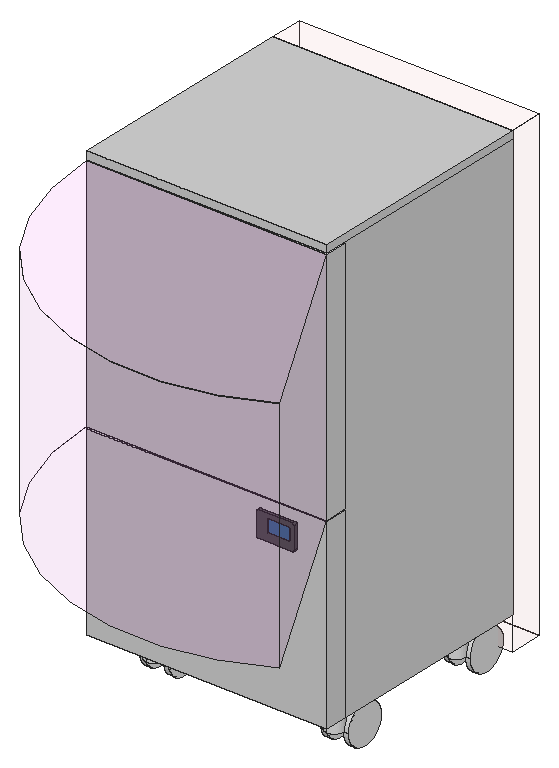
Revit family "Normann_ENTRY_ETR10A-R290", category Attrezzature speciali, Revit 2021 (continued)
Definition of nested family "Griglia_Entry_Large"
  Lines and regions (mm)
    model lines, detail levels medium+fine
      curve 545: line (153.458, -203.202, 0) -> (183.458, -203.202, 0)
      curve 546: line (153.458, -209.202, 0) -> (153.458, -203.202, 0)
      curve 547: line (183.458, -209.202, 0) -> (153.458, -209.202, 0)
      curve 548: line (183.458, -203.202, 0) -> (183.458, -209.202, 0)
      curve 549: line (153.458, -211.802, 0) -> (183.458, -211.802, 0)
      curve 550: line (153.458, -217.802, 0) -> (153.458, -211.802, 0)
      curve 551: line (183.458, -217.802, 0) -> (153.458, -217.802, 0)
      curve 552: line (183.458, -211.802, 0) -> (183.458, -217.802, 0)
      curve 553: line (153.458, -220.402, 0) -> (183.458, -220.402, 0)
      curve 554: line (153.458, -226.402, 0) -> (153.458, -220.402, 0)
      curve 555: line (183.458, -226.402, 0) -> (153.458, -226.402, 0)
      curve 556: line (183.458, -220.402, 0) -> (183.458, -226.402, 0)
      curve 557: line (153.458, -229.002, 0) -> (183.458, -229.002, 0)
      curve 558: line (153.458, -235.002, 0) -> (153.458, -229.002, 0)
      curve 559: line (183.458, -235.002, 0) -> (153.458, -235.002, 0)
      curve 560: line (183.458, -229.002, 0) -> (183.458, -235.002, 0)
      curve 561: line (153.458, -237.602, 0) -> (183.458, -237.602, 0)
      curve 562: line (153.458, -243.602, 0) -> (153.458, -237.602, 0)
      curve 563: line (183.458, -243.602, 0) -> (153.458, -243.602, 0)
      curve 564: line (183.458, -237.602, 0) -> (183.458, -243.602, 0)
      curve 565: line (153.458, -246.202, 0) -> (183.458, -246.202, 0)
      curve 566: line (153.458, -252.202, 0) -> (153.458, -246.202, 0)
      curve 567: line (183.458, -252.202, 0) -> (153.458, -252.202, 0)
      curve 568: line (183.458, -246.202, 0) -> (183.458, -252.202, 0)
      curve 569: line (153.458, -254.802, 0) -> (183.458, -254.802, 0)
      curve 570: line (153.458, -260.802, 0) -> (153.458, -254.802, 0)
      curve 571: line (183.458, -260.802, 0) -> (153.458, -260.802, 0)
      curve 572: line (183.458, -254.802, 0) -> (183.458, -260.802, 0)
      curve 573: line (153.458, -263.402, 0) -> (183.458, -263.402, 0)
      curve 574: line (153.458, -269.402, 0) -> (153.458, -263.402, 0)
      curve 575: line (183.458, -269.402, 0) -> (153.458, -269.402, 0)
      curve 576: line (183.458, -263.402, 0) -> (183.458, -269.402, 0)
      curve 577: line (153.458, -272.002, 0) -> (183.458, -272.002, 0)
      curve 578: line (153.458, -278.002, 0) -> (153.458, -272.002, 0)
      curve 579: line (183.458, -278.002, 0) -> (153.458, -278.002, 0)
      curve 580: line (183.458, -272.002, 0) -> (183.458, -278.002, 0)
      curve 581: line (153.458, -280.602, 0) -> (183.458, -280.602, 0)
      curve 582: line (153.458, -286.602, 0) -> (153.458, -280.602, 0)
      curve 583: line (183.458, -286.602, 0) -> (153.458, -286.602, 0)
      curve 584: line (183.458, -280.602, 0) -> (183.458, -286.602, 0)
      curve 585: line (153.458, -289.202, 0) -> (183.458, -289.202, 0)
      curve 586: line (153.458, -295.202, 0) -> (153.458, -289.202, 0)
      curve 587: line (183.458, -295.202, 0) -> (153.458, -295.202, 0)
      curve 588: line (183.458, -289.202, 0) -> (183.458, -295.202, 0)
      curve 589: line (153.458, -297.802, 0) -> (183.458, -297.802, 0)
      curve 590: line (153.458, -303.802, 0) -> (153.458, -297.802, 0)
      curve 591: line (183.458, -303.802, 0) -> (153.458, -303.802, 0)
      curve 592: line (183.458, -297.802, 0) -> (183.458, -303.802, 0)
      curve 593: line (153.458, -306.402, 0) -> (183.458, -306.402, 0)
      curve 594: line (153.458, -312.402, 0) -> (153.458, -306.402, 0)
      curve 595: line (183.458, -312.402, 0) -> (153.458, -312.402, 0)
      curve 596: line (183.458, -306.402, 0) -> (183.458, -312.402, 0)
      curve 597: line (153.458, -315.002, 0) -> (183.458, -315.002, 0)
      curve 598: line (153.458, -321.002, 0) -> (153.458, -315.002, 0)
      curve 599: line (183.458, -321.002, 0) -> (153.458, -321.002, 0)
      curve 600: line (183.458, -315.002, 0) -> (183.458, -321.002, 0)
      curve 601: line (153.458, -323.602, 0) -> (183.458, -323.602, 0)
      curve 602: line (153.458, -329.602, 0) -> (153.458, -323.602, 0)
      curve 603: line (183.458, -329.602, 0) -> (153.458, -329.602, 0)
      curve 604: line (183.458, -323.602, 0) -> (183.458, -329.602, 0)
      curve 605: line (153.458, -332.202, 0) -> (183.458, -332.202, 0)
      curve 606: line (153.458, -338.202, 0) -> (153.458, -332.202, 0)
      curve 607: line (183.458, -338.202, 0) -> (153.458, -338.202, 0)
      curve 608: line (183.458, -332.202, 0) -> (183.458, -338.202, 0)
      curve 609: line (153.458, -340.802, 0) -> (183.458, -340.802, 0)
      curve 610: line (153.458, -346.802, 0) -> (153.458, -340.802, 0)
      curve 611: line (183.458, -346.802, 0) -> (153.458, -346.802, 0)
      curve 612: line (183.458, -340.802, 0) -> (183.458, -346.802, 0)
      curve 613: line (153.458, -349.402, 0) -> (183.458, -349.402, 0)
      curve 614: line (153.458, -355.402, 0) -> (153.458, -349.402, 0)
      curve 615: line (183.458, -355.402, 0) -> (153.458, -355.402, 0)
      curve 616: line (183.458, -349.402, 0) -> (183.458, -355.402, 0)
      curve 617: line (153.458, -358.002, 0) -> (183.458, -358.002, 0)
      curve 618: line (153.458, -364.002, 0) -> (153.458, -358.002, 0)
      curve 619: line (183.458, -364.002, 0) -> (153.458, -364.002, 0)
      curve 620: line (183.458, -358.002, 0) -> (183.458, -364.002, 0)
      curve 621: line (153.458, -366.602, 0) -> (183.458, -366.602, 0)
      curve 622: line (153.458, -372.602, 0) -> (153.458, -366.602, 0)
      curve 623: line (183.458, -372.602, 0) -> (153.458, -372.602, 0)
      curve 624: line (183.458, -366.602, 0) -> (183.458, -372.602, 0)
      curve 625: line (153.458, -375.202, 0) -> (183.458, -375.202, 0)
      curve 626: line (153.458, -381.202, 0) -> (153.458, -375.202, 0)
      curve 627: line (183.458, -381.202, 0) -> (153.458, -381.202, 0)
      curve 628: line (183.458, -375.202, 0) -> (183.458, -381.202, 0)
      curve 629: line (153.458, -383.802, 0) -> (183.458, -383.802, 0)
      curve 630: line (153.458, -389.802, 0) -> (153.458, -383.802, 0)
      curve 631: line (183.458, -389.802, 0) -> (153.458, -389.802, 0)
      curve 632: line (183.458, -383.802, 0) -> (183.458, -389.802, 0)
      curve 633: line (153.458, -392.402, 0) -> (183.458, -392.402, 0)
      curve 634: line (153.458, -398.402, 0) -> (153.458, -392.402, 0)
      curve 635: line (183.458, -398.402, 0) -> (153.458, -398.402, 0)
      curve 636: line (183.458, -392.402, 0) -> (183.458, -398.402, 0)
      curve 637: line (153.458, -401.002, 0) -> (183.458, -401.002, 0)
      curve 638: line (153.458, -407.002, 0) -> (153.458, -401.002, 0)
      curve 639: line (183.458, -407.002, 0) -> (153.458, -407.002, 0)
      curve 640: line (183.458, -401.002, 0) -> (183.458, -407.002, 0)
      curve 641: line (153.458, -409.602, 0) -> (183.458, -409.602, 0)
      curve 642: line (153.458, -415.602, 0) -> (153.458, -409.602, 0)
      curve 643: line (183.458, -415.602, 0) -> (153.458, -415.602, 0)
      curve 644: line (183.458, -409.602, 0) -> (183.458, -415.602, 0)
      curve 645: line (153.458, -418.202, 0) -> (183.458, -418.202, 0)
      curve 646: line (153.458, -424.202, 0) -> (153.458, -418.202, 0)
      curve 647: line (183.458, -424.202, 0) -> (153.458, -424.202, 0)
      curve 648: line (183.458, -418.202, 0) -> (183.458, -424.202, 0)
      curve 649: line (153.458, -426.802, 0) -> (183.458, -426.802, 0)
      curve 650: line (153.458, -432.802, 0) -> (153.458, -426.802, 0)
      curve 651: line (183.458, -432.802, 0) -> (153.458, -432.802, 0)
      curve 652: line (183.458, -426.802, 0) -> (183.458, -432.802, 0)
      curve 653: line (153.458, -435.402, 0) -> (183.458, -435.402, 0)
      curve 654: line (153.458, -441.402, 0) -> (153.458, -435.402, 0)
      curve 655: line (183.458, -441.402, 0) -> (153.458, -441.402, 0)
      curve 656: line (183.458, -435.402, 0) -> (183.458, -441.402, 0)
      curve 657: line (153.458, -444.002, 0) -> (183.458, -444.002, 0)
      curve 658: line (153.458, -450.002, 0) -> (153.458, -444.002, 0)
      curve 659: line (183.458, -450.002, 0) -> (153.458, -450.002, 0)
      curve 660: line (183.458, -444.002, 0) -> (183.458, -450.002, 0)
      curve 661: line (153.458, -452.602, 0) -> (183.458, -452.602, 0)
      curve 662: line (153.458, -458.602, 0) -> (153.458, -452.602, 0)
      curve 663: line (183.458, -458.602, 0) -> (153.458, -458.602, 0)
      curve 664: line (183.458, -452.602, 0) -> (183.458, -458.602, 0)
      curve 665: line (153.458, -461.202, 0) -> (183.458, -461.202, 0)
      curve 666: line (153.458, -467.202, 0) -> (153.458, -461.202, 0)
      curve 667: line (183.458, -467.202, 0) -> (153.458, -467.202, 0)
      curve 668: line (183.458, -461.202, 0) -> (183.458, -467.202, 0)
      curve 669: line (153.458, -469.802, 0) -> (183.458, -469.802, 0)
      curve 670: line (153.458, -475.802, 0) -> (153.458, -469.802, 0)
      curve 671: line (183.458, -475.802, 0) -> (153.458, -475.802, 0)
      curve 672: line (183.458, -469.802, 0) -> (183.458, -475.802, 0)
      curve 673: line (153.458, -478.402, 0) -> (183.458, -478.402, 0)
      curve 674: line (153.458, -484.402, 0) -> (153.458, -478.402, 0)
      curve 675: line (183.458, -484.402, 0) -> (153.458, -484.402, 0)
      curve 676: line (183.458, -478.402, 0) -> (183.458, -484.402, 0)
      curve 677: line (153.458, -487.002, 0) -> (183.458, -487.002, 0)
      curve 678: line (153.458, -493.002, 0) -> (153.458, -487.002, 0)
      curve 679: line (183.458, -493.002, 0) -> (153.458, -493.002, 0)
      curve 680: line (183.458, -487.002, 0) -> (183.458, -493.002, 0)
      curve 681: line (304.683, -31.202, 0) -> (334.683, -31.202, 0)
      curve 682: line (304.683, -37.202, 0) -> (304.683, -31.202, 0)
      curve 683: line (334.683, -37.202, 0) -> (304.683, -37.202, 0)
      curve 684: line (334.683, -31.202, 0) -> (334.683, -37.202, 0)
      curve 685: line (304.683, -39.802, 0) -> (334.683, -39.802, 0)
      curve 686: line (304.683, -45.802, 0) -> (304.683, -39.802, 0)
      curve 687: line (334.683, -45.802, 0) -> (304.683, -45.802, 0)
      curve 688: line (334.683, -39.802, 0) -> (334.683, -45.802, 0)
      curve 689: line (304.683, -48.402, 0) -> (334.683, -48.402, 0)
      curve 690: line (304.683, -54.402, 0) -> (304.683, -48.402, 0)
      curve 691: line (334.683, -54.402, 0) -> (304.683, -54.402, 0)
      curve 692: line (334.683, -48.402, 0) -> (334.683, -54.402, 0)
      curve 693: line (304.683, -57.002, 0) -> (334.683, -57.002, 0)
      curve 694: line (304.683, -63.002, 0) -> (304.683, -57.002, 0)
      curve 695: line (334.683, -63.002, 0) -> (304.683, -63.002, 0)
      curve 696: line (334.683, -57.002, 0) -> (334.683, -63.002, 0)
      curve 697: line (304.683, -65.602, 0) -> (334.683, -65.602, 0)
      curve 698: line (304.683, -71.602, 0) -> (304.683, -65.602, 0)
      curve 699: line (334.683, -71.602, 0) -> (304.683, -71.602, 0)
      curve 700: line (334.683, -65.602, 0) -> (334.683, -71.602, 0)
      curve 701: line (304.683, -74.202, 0) -> (334.683, -74.202, 0)
      curve 702: line (304.683, -80.202, 0) -> (304.683, -74.202, 0)
      curve 703: line (334.683, -80.202, 0) -> (304.683, -80.202, 0)
      curve 704: line (334.683, -74.202, 0) -> (334.683, -80.202, 0)
      curve 705: line (304.683, -82.802, 0) -> (334.683, -82.802, 0)
      curve 706: line (304.683, -88.802, 0) -> (304.683, -82.802, 0)
      curve 707: line (334.683, -88.802, 0) -> (304.683, -88.802, 0)
      curve 708: line (334.683, -82.802, 0) -> (334.683, -88.802, 0)
      curve 709: line (304.683, -91.402, 0) -> (334.683, -91.402, 0)
      curve 710: line (304.683, -97.402, 0) -> (304.683, -91.402, 0)
      curve 711: line (334.683, -97.402, 0) -> (304.683, -97.402, 0)
      curve 712: line (334.683, -91.402, 0) -> (334.683, -97.402, 0)
      curve 713: line (304.683, -100.002, 0) -> (334.683, -100.002, 0)
      curve 714: line (304.683, -106.002, 0) -> (304.683, -100.002, 0)
      curve 715: line (334.683, -106.002, 0) -> (304.683, -106.002, 0)
      curve 716: line (334.683, -100.002, 0) -> (334.683, -106.002, 0)
      curve 717: line (304.683, -108.602, 0) -> (334.683, -108.602, 0)
      curve 718: line (304.683, -114.602, 0) -> (304.683, -108.602, 0)
      curve 719: line (334.683, -114.602, 0) -> (304.683, -114.602, 0)
      curve 720: line (334.683, -108.602, 0) -> (334.683, -114.602, 0)
      curve 721: line (304.683, -117.202, 0) -> (334.683, -117.202, 0)
      curve 722: line (304.683, -123.202, 0) -> (304.683, -117.202, 0)
      curve 723: line (334.683, -123.202, 0) -> (304.683, -123.202, 0)
      curve 724: line (334.683, -117.202, 0) -> (334.683, -123.202, 0)
      curve 725: line (304.683, -125.802, 0) -> (334.683, -125.802, 0)
      curve 726: line (304.683, -131.802, 0) -> (304.683, -125.802, 0)
      curve 727: line (334.683, -131.802, 0) -> (304.683, -131.802, 0)
      curve 728: line (334.683, -125.802, 0) -> (334.683, -131.802, 0)
      curve 729: line (304.683, -134.402, 0) -> (334.683, -134.402, 0)
      curve 730: line (304.683, -140.402, 0) -> (304.683, -134.402, 0)
      curve 731: line (334.683, -140.402, 0) -> (304.683, -140.402, 0)
      curve 732: line (334.683, -134.402, 0) -> (334.683, -140.402, 0)
      curve 733: line (304.683, -143.002, 0) -> (334.683, -143.002, 0)
      curve 734: line (304.683, -149.002, 0) -> (304.683, -143.002, 0)
      curve 735: line (334.683, -149.002, 0) -> (304.683, -149.002, 0)
      curve 736: line (334.683, -143.002, 0) -> (334.683, -149.002, 0)
      curve 737: line (304.683, -151.602, 0) -> (334.683, -151.602, 0)
      curve 738: line (304.683, -157.602, 0) -> (304.683, -151.602, 0)
      curve 739: line (334.683, -157.602, 0) -> (304.683, -157.602, 0)
      curve 740: line (334.683, -151.602, 0) -> (334.683, -157.602, 0)
      curve 741: line (304.683, -160.202, 0) -> (334.683, -160.202, 0)
      curve 742: line (304.683, -166.202, 0) -> (304.683, -160.202, 0)
      curve 743: line (334.683, -166.202, 0) -> (304.683, -166.202, 0)
      curve 744: line (334.683, -160.202, 0) -> (334.683, -166.202, 0)
      curve 745: line (304.683, -168.802, 0) -> (334.683, -168.802, 0)
      curve 746: line (304.683, -174.802, 0) -> (304.683, -168.802, 0)
      curve 747: line (334.683, -174.802, 0) -> (304.683, -174.802, 0)
      curve 748: line (334.683, -168.802, 0) -> (334.683, -174.802, 0)
      curve 749: line (304.683, -177.402, 0) -> (334.683, -177.402, 0)
      curve 750: line (304.683, -183.402, 0) -> (304.683, -177.402, 0)
      curve 751: line (334.683, -183.402, 0) -> (304.683, -183.402, 0)
      curve 752: line (334.683, -177.402, 0) -> (334.683, -183.402, 0)
      curve 753: line (304.683, -186.002, 0) -> (334.683, -186.002, 0)
      curve 754: line (304.683, -192.002, 0) -> (304.683, -186.002, 0)
      curve 755: line (334.683, -192.002, 0) -> (304.683, -192.002, 0)
      curve 756: line (334.683, -186.002, 0) -> (334.683, -192.002, 0)
      curve 757: line (304.683, -194.602, 0) -> (334.683, -194.602, 0)
      curve 758: line (304.683, -200.602, 0) -> (304.683, -194.602, 0)
      curve 759: line (334.683, -200.602, 0) -> (304.683, -200.602, 0)
      curve 760: line (334.683, -194.602, 0) -> (334.683, -200.602, 0)
      curve 761: line (304.683, -203.202, 0) -> (334.683, -203.202, 0)
      curve 762: line (304.683, -209.202, 0) -> (304.683, -203.202, 0)
      curve 763: line (334.683, -209.202, 0) -> (304.683, -209.202, 0)
      curve 764: line (334.683, -203.202, 0) -> (334.683, -209.202, 0)
      curve 765: line (304.683, -211.802, 0) -> (334.683, -211.802, 0)
      curve 766: line (304.683, -217.802, 0) -> (304.683, -211.802, 0)
      curve 767: line (334.683, -217.802, 0) -> (304.683, -217.802, 0)
      curve 768: line (334.683, -211.802, 0) -> (334.683, -217.802, 0)
      curve 769: line (304.683, -220.402, 0) -> (334.683, -220.402, 0)
      curve 770: line (304.683, -226.402, 0) -> (304.683, -220.402, 0)
      curve 771: line (334.683, -226.402, 0) -> (304.683, -226.402, 0)
      curve 772: line (334.683, -220.402, 0) -> (334.683, -226.402, 0)
      curve 773: line (304.683, -229.002, 0) -> (334.683, -229.002, 0)
      curve 774: line (304.683, -235.002, 0) -> (304.683, -229.002, 0)
      curve 775: line (334.683, -235.002, 0) -> (304.683, -235.002, 0)
      curve 776: line (334.683, -229.002, 0) -> (334.683, -235.002, 0)
      curve 777: line (304.683, -237.602, 0) -> (334.683, -237.602, 0)
      curve 778: line (304.683, -243.602, 0) -> (304.683, -237.602, 0)
      curve 779: line (334.683, -243.602, 0) -> (304.683, -243.602, 0)
      curve 780: line (334.683, -237.602, 0) -> (334.683, -243.602, 0)
      curve 781: line (304.683, -246.202, 0) -> (334.683, -246.202, 0)
      curve 782: line (304.683, -252.202, 0) -> (304.683, -246.202, 0)
      curve 783: line (334.683, -252.202, 0) -> (304.683, -252.202, 0)
      curve 784: line (334.683, -246.202, 0) -> (334.683, -252.202, 0)
      curve 785: line (304.683, -254.802, 0) -> (334.683, -254.802, 0)
      curve 786: line (304.683, -260.802, 0) -> (304.683, -254.802, 0)
      curve 787: line (334.683, -260.802, 0) -> (304.683, -260.802, 0)
      curve 788: line (334.683, -254.802, 0) -> (334.683, -260.802, 0)
      curve 789: line (304.683, -263.402, 0) -> (334.683, -263.402, 0)
      curve 790: line (304.683, -269.402, 0) -> (304.683, -263.402, 0)
      curve 791: line (334.683, -269.402, 0) -> (304.683, -269.402, 0)
      curve 792: line (334.683, -263.402, 0) -> (334.683, -269.402, 0)
      curve 793: line (304.683, -272.002, 0) -> (334.683, -272.002, 0)
      curve 794: line (304.683, -278.002, 0) -> (304.683, -272.002, 0)
      curve 795: line (334.683, -278.002, 0) -> (304.683, -278.002, 0)
      curve 796: line (334.683, -272.002, 0) -> (334.683, -278.002, 0)
      curve 797: line (304.683, -280.602, 0) -> (334.683, -280.602, 0)
      curve 798: line (304.683, -286.602, 0) -> (304.683, -280.602, 0)
      curve 799: line (334.683, -286.602, 0) -> (304.683, -286.602, 0)
      curve 800: line (334.683, -280.602, 0) -> (334.683, -286.602, 0)
      curve 801: line (304.683, -289.202, 0) -> (334.683, -289.202, 0)
      curve 802: line (304.683, -295.202, 0) -> (304.683, -289.202, 0)
      curve 803: line (334.683, -295.202, 0) -> (304.683, -295.202, 0)
      curve 804: line (334.683, -289.202, 0) -> (334.683, -295.202, 0)
      curve 805: line (304.683, -297.802, 0) -> (334.683, -297.802, 0)
      curve 806: line (304.683, -303.802, 0) -> (304.683, -297.802, 0)
      curve 807: line (334.683, -303.802, 0) -> (304.683, -303.802, 0)
      curve 808: line (334.683, -297.802, 0) -> (334.683, -303.802, 0)
      curve 809: line (304.683, -306.402, 0) -> (334.683, -306.402, 0)
      curve 810: line (304.683, -312.402, 0) -> (304.683, -306.402, 0)
      curve 811: line (334.683, -312.402, 0) -> (304.683, -312.402, 0)
      curve 812: line (334.683, -306.402, 0) -> (334.683, -312.402, 0)
      curve 813: line (304.683, -315.002, 0) -> (334.683, -315.002, 0)
      curve 814: line (304.683, -321.002, 0) -> (304.683, -315.002, 0)
      curve 815: line (334.683, -321.002, 0) -> (304.683, -321.002, 0)
      curve 816: line (334.683, -315.002, 0) -> (334.683, -321.002, 0)
      curve 817: line (304.683, -323.602, 0) -> (334.683, -323.602, 0)
      curve 818: line (304.683, -329.602, 0) -> (304.683, -323.602, 0)
      curve 819: line (334.683, -329.602, 0) -> (304.683, -329.602, 0)
      curve 820: line (334.683, -323.602, 0) -> (334.683, -329.602, 0)
      curve 821: line (304.683, -332.202, 0) -> (334.683, -332.202, 0)
      curve 822: line (304.683, -338.202, 0) -> (304.683, -332.202, 0)
      curve 823: line (334.683, -338.202, 0) -> (304.683, -338.202, 0)
      curve 824: line (334.683, -332.202, 0) -> (334.683, -338.202, 0)
      curve 825: line (304.683, -340.802, 0) -> (334.683, -340.802, 0)
      curve 826: line (304.683, -346.802, 0) -> (304.683, -340.802, 0)
      curve 827: line (334.683, -346.802, 0) -> (304.683, -346.802, 0)
      curve 828: line (334.683, -340.802, 0) -> (334.683, -346.802, 0)
      curve 829: line (304.683, -349.402, 0) -> (334.683, -349.402, 0)
      curve 830: line (304.683, -355.402, 0) -> (304.683, -349.402, 0)
      curve 831: line (334.683, -355.402, 0) -> (304.683, -355.402, 0)
      curve 832: line (334.683, -349.402, 0) -> (334.683, -355.402, 0)
      curve 833: line (304.683, -358.002, 0) -> (334.683, -358.002, 0)
      curve 834: line (304.683, -364.002, 0) -> (304.683, -358.002, 0)
      curve 835: line (334.683, -364.002, 0) -> (304.683, -364.002, 0)
      curve 836: line (334.683, -358.002, 0) -> (334.683, -364.002, 0)
      curve 837: line (304.683, -366.602, 0) -> (334.683, -366.602, 0)
      curve 838: line (304.683, -372.602, 0) -> (304.683, -366.602, 0)
      curve 839: line (334.683, -372.602, 0) -> (304.683, -372.602, 0)
      curve 840: line (334.683, -366.602, 0) -> (334.683, -372.602, 0)
      curve 841: line (304.683, -375.202, 0) -> (334.683, -375.202, 0)
      curve 842: line (304.683, -381.202, 0) -> (304.683, -375.202, 0)
      curve 843: line (334.683, -381.202, 0) -> (304.683, -381.202, 0)
      curve 844: line (334.683, -375.202, 0) -> (334.683, -381.202, 0)
      curve 845: line (304.683, -383.802, 0) -> (334.683, -383.802, 0)
      curve 846: line (304.683, -389.802, 0) -> (304.683, -383.802, 0)
      curve 847: line (334.683, -389.802, 0) -> (304.683, -389.802, 0)
      curve 848: line (334.683, -383.802, 0) -> (334.683, -389.802, 0)
      curve 849: line (304.683, -392.402, 0) -> (334.683, -392.402, 0)
      curve 850: line (304.683, -398.402, 0) -> (304.683, -392.402, 0)
      curve 851: line (334.683, -398.402, 0) -> (304.683, -398.402, 0)
      curve 852: line (334.683, -392.402, 0) -> (334.683, -398.402, 0)
      curve 853: line (304.683, -401.002, 0) -> (334.683, -401.002, 0)
      curve 854: line (304.683, -407.002, 0) -> (304.683, -401.002, 0)
      curve 855: line (334.683, -407.002, 0) -> (304.683, -407.002, 0)
      curve 856: line (334.683, -401.002, 0) -> (334.683, -407.002, 0)
      curve 857: line (304.683, -409.602, 0) -> (334.683, -409.602, 0)
      curve 858: line (304.683, -415.602, 0) -> (304.683, -409.602, 0)
      curve 859: line (334.683, -415.602, 0) -> (304.683, -415.602, 0)
      curve 860: line (334.683, -409.602, 0) -> (334.683, -415.602, 0)
      curve 861: line (304.683, -418.202, 0) -> (334.683, -418.202, 0)
      curve 862: line (304.683, -424.202, 0) -> (304.683, -418.202, 0)
      curve 863: line (334.683, -424.202, 0) -> (304.683, -424.202, 0)
      curve 864: line (334.683, -418.202, 0) -> (334.683, -424.202, 0)
      curve 865: line (304.683, -426.802, 0) -> (334.683, -426.802, 0)
      curve 866: line (304.683, -432.802, 0) -> (304.683, -426.802, 0)
      curve 867: line (334.683, -432.802, 0) -> (304.683, -432.802, 0)
      curve 868: line (334.683, -426.802, 0) -> (334.683, -432.802, 0)
      curve 869: line (304.683, -435.402, 0) -> (334.683, -435.402, 0)
      curve 870: line (304.683, -441.402, 0) -> (304.683, -435.402, 0)
      curve 871: line (334.683, -441.402, 0) -> (304.683, -441.402, 0)
      curve 872: line (334.683, -435.402, 0) -> (334.683, -441.402, 0)
      curve 873: line (304.683, -444.002, 0) -> (334.683, -444.002, 0)
      curve 874: line (304.683, -450.002, 0) -> (304.683, -444.002, 0)
      curve 875: line (334.683, -450.002, 0) -> (304.683, -450.002, 0)
      curve 876: line (334.683, -444.002, 0) -> (334.683, -450.002, 0)
      curve 877: line (304.683, -452.602, 0) -> (334.683, -452.602, 0)
      curve 878: line (304.683, -458.602, 0) -> (304.683, -452.602, 0)
      curve 879: line (334.683, -458.602, 0) -> (304.683, -458.602, 0)
      curve 880: line (334.683, -452.602, 0) -> (334.683, -458.602, 0)
      curve 881: line (304.683, -461.202, 0) -> (334.683, -461.202, 0)
      curve 882: line (304.683, -467.202, 0) -> (304.683, -461.202, 0)
      curve 883: line (334.683, -467.202, 0) -> (304.683, -467.202, 0)
      curve 884: line (334.683, -461.202, 0) -> (334.683, -467.202, 0)
      curve 885: line (304.683, -469.802, 0) -> (334.683, -469.802, 0)
      curve 886: line (304.683, -475.802, 0) -> (304.683, -469.802, 0)
      curve 887: line (334.683, -475.802, 0) -> (304.683, -475.802, 0)
      curve 888: line (334.683, -469.802, 0) -> (334.683, -475.802, 0)
      curve 889: line (304.683, -478.402, 0) -> (334.683, -478.402, 0)
      curve 890: line (304.683, -484.402, 0) -> (304.683, -478.402, 0)
      curve 891: line (334.683, -484.402, 0) -> (304.683, -484.402, 0)
      curve 892: line (334.683, -478.402, 0) -> (334.683, -484.402, 0)
      curve 893: line (304.683, -487.002, 0) -> (334.683, -487.002, 0)
      curve 894: line (304.683, -493.002, 0) -> (304.683, -487.002, 0)
      curve 895: line (334.683, -493.002, 0) -> (304.683, -493.002, 0)
      curve 896: line (334.683, -487.002, 0) -> (334.683, -493.002, 0)
      curve 897: line (380.283, -31.202, 0) -> (410.283, -31.202, 0)
      curve 898: line (380.283, -37.202, 0) -> (380.283, -31.202, 0)
      curve 899: line (410.283, -37.202, 0) -> (380.283, -37.202, 0)
      curve 900: line (410.283, -31.202, 0) -> (410.283, -37.202, 0)
      curve 901: line (380.283, -39.802, 0) -> (410.283, -39.802, 0)
      curve 902: line (380.283, -45.802, 0) -> (380.283, -39.802, 0)
      curve 903: line (410.283, -45.802, 0) -> (380.283, -45.802, 0)
      curve 904: line (410.283, -39.802, 0) -> (410.283, -45.802, 0)
      curve 905: line (380.283, -48.402, 0) -> (410.283, -48.402, 0)
      curve 906: line (380.283, -54.402, 0) -> (380.283, -48.402, 0)
      curve 907: line (410.283, -54.402, 0) -> (380.283, -54.402, 0)
      curve 908: line (410.283, -48.402, 0) -> (410.283, -54.402, 0)
      curve 909: line (380.283, -57.002, 0) -> (410.283, -57.002, 0)
      curve 910: line (380.283, -63.002, 0) -> (380.283, -57.002, 0)
      curve 911: line (410.283, -63.002, 0) -> (380.283, -63.002, 0)
      curve 912: line (410.283, -57.002, 0) -> (410.283, -63.002, 0)
      curve 913: line (380.283, -65.602, 0) -> (410.283, -65.602, 0)
      curve 914: line (380.283, -71.602, 0) -> (380.283, -65.602, 0)
      curve 915: line (410.283, -71.602, 0) -> (380.283, -71.602, 0)
      curve 916: line (410.283, -65.602, 0) -> (410.283, -71.602, 0)
      curve 917: line (380.283, -74.202, 0) -> (410.283, -74.202, 0)
      curve 918: line (380.283, -80.202, 0) -> (380.283, -74.202, 0)
      curve 919: line (410.283, -80.202, 0) -> (380.283, -80.202, 0)
      curve 920: line (410.283, -74.202, 0) -> (410.283, -80.202, 0)
      curve 921: line (380.283, -82.802, 0) -> (410.283, -82.802, 0)
      curve 922: line (380.283, -88.802, 0) -> (380.283, -82.802, 0)
      curve 923: line (410.283, -88.802, 0) -> (380.283, -88.802, 0)
      curve 924: line (410.283, -82.802, 0) -> (410.283, -88.802, 0)
      curve 925: line (380.283, -91.402, 0) -> (410.283, -91.402, 0)
      curve 926: line (380.283, -97.402, 0) -> (380.283, -91.402, 0)
      curve 927: line (410.283, -97.402, 0) -> (380.283, -97.402, 0)
      curve 928: line (410.283, -91.402, 0) -> (410.283, -97.402, 0)
      curve 929: line (380.283, -100.002, 0) -> (410.283, -100.002, 0)
      curve 930: line (380.283, -106.002, 0) -> (380.283, -100.002, 0)
      curve 931: line (410.283, -106.002, 0) -> (380.283, -106.002, 0)
      curve 932: line (410.283, -100.002, 0) -> (410.283, -106.002, 0)
      curve 933: line (380.283, -108.602, 0) -> (410.283, -108.602, 0)
      curve 934: line (380.283, -114.602, 0) -> (380.283, -108.602, 0)
      curve 935: line (410.283, -114.602, 0) -> (380.283, -114.602, 0)
      curve 936: line (410.283, -108.602, 0) -> (410.283, -114.602, 0)
      curve 937: line (380.283, -117.202, 0) -> (410.283, -117.202, 0)
      curve 938: line (380.283, -123.202, 0) -> (380.283, -117.202, 0)
      curve 939: line (410.283, -123.202, 0) -> (380.283, -123.202, 0)
      curve 940: line (410.283, -117.202, 0) -> (410.283, -123.202, 0)
      curve 941: line (380.283, -125.802, 0) -> (410.283, -125.802, 0)
      curve 942: line (380.283, -131.802, 0) -> (380.283, -125.802, 0)
      curve 943: line (410.283, -131.802, 0) -> (380.283, -131.802, 0)
      curve 944: line (410.283, -125.802, 0) -> (410.283, -131.802, 0)
      curve 945: line (380.283, -134.402, 0) -> (410.283, -134.402, 0)
      curve 946: line (380.283, -140.402, 0) -> (380.283, -134.402, 0)
      curve 947: line (410.283, -140.402, 0) -> (380.283, -140.402, 0)
      curve 948: line (410.283, -134.402, 0) -> (410.283, -140.402, 0)
      curve 949: line (380.283, -143.002, 0) -> (410.283, -143.002, 0)
      curve 950: line (380.283, -149.002, 0) -> (380.283, -143.002, 0)
      curve 951: line (410.283, -149.002, 0) -> (380.283, -149.002, 0)
      curve 952: line (410.283, -143.002, 0) -> (410.283, -149.002, 0)
      curve 953: line (380.283, -151.602, 0) -> (410.283, -151.602, 0)
      curve 954: line (380.283, -157.602, 0) -> (380.283, -151.602, 0)
      curve 955: line (410.283, -157.602, 0) -> (380.283, -157.602, 0)
      curve 956: line (410.283, -151.602, 0) -> (410.283, -157.602, 0)
      curve 957: line (380.283, -160.202, 0) -> (410.283, -160.202, 0)
      curve 958: line (380.283, -166.202, 0) -> (380.283, -160.202, 0)
      curve 959: line (410.283, -166.202, 0) -> (380.283, -166.202, 0)
      curve 960: line (410.283, -160.202, 0) -> (410.283, -166.202, 0)
      curve 961: line (380.283, -168.802, 0) -> (410.283, -168.802, 0)
      curve 962: line (380.283, -174.802, 0) -> (380.283, -168.802, 0)
      curve 963: line (410.283, -174.802, 0) -> (380.283, -174.802, 0)
      curve 964: line (410.283, -168.802, 0) -> (410.283, -174.802, 0)
      curve 965: line (380.283, -177.402, 0) -> (410.283, -177.402, 0)
      curve 966: line (380.283, -183.402, 0) -> (380.283, -177.402, 0)
      curve 967: line (410.283, -183.402, 0) -> (380.283, -183.402, 0)
      curve 968: line (410.283, -177.402, 0) -> (410.283, -183.402, 0)
      curve 969: line (380.283, -186.002, 0) -> (410.283, -186.002, 0)
      curve 970: line (380.283, -192.002, 0) -> (380.283, -186.002, 0)
      curve 971: line (410.283, -192.002, 0) -> (380.283, -192.002, 0)
      curve 972: line (410.283, -186.002, 0) -> (410.283, -192.002, 0)
      curve 973: line (380.283, -194.602, 0) -> (410.283, -194.602, 0)
      curve 974: line (380.283, -200.602, 0) -> (380.283, -194.602, 0)
      curve 975: line (410.283, -200.602, 0) -> (380.283, -200.602, 0)
      curve 976: line (410.283, -194.602, 0) -> (410.283, -200.602, 0)
      curve 977: line (380.283, -203.202, 0) -> (410.283, -203.202, 0)
      curve 978: line (380.283, -209.202, 0) -> (380.283, -203.202, 0)
      curve 979: line (410.283, -209.202, 0) -> (380.283, -209.202, 0)
      curve 980: line (410.283, -203.202, 0) -> (410.283, -209.202, 0)
      curve 981: line (380.283, -211.802, 0) -> (410.283, -211.802, 0)
      curve 982: line (380.283, -217.802, 0) -> (380.283, -211.802, 0)
      curve 983: line (410.283, -217.802, 0) -> (380.283, -217.802, 0)
      curve 984: line (410.283, -211.802, 0) -> (410.283, -217.802, 0)
      curve 985: line (380.283, -220.402, 0) -> (410.283, -220.402, 0)
      curve 986: line (380.283, -226.402, 0) -> (380.283, -220.402, 0)
      curve 987: line (410.283, -226.402, 0) -> (380.283, -226.402, 0)
      curve 988: line (410.283, -220.402, 0) -> (410.283, -226.402, 0)
      curve 989: line (380.283, -229.002, 0) -> (410.283, -229.002, 0)
      curve 990: line (380.283, -235.002, 0) -> (380.283, -229.002, 0)
      curve 991: line (410.283, -235.002, 0) -> (380.283, -235.002, 0)
      curve 992: line (410.283, -229.002, 0) -> (410.283, -235.002, 0)
      curve 993: line (380.283, -237.602, 0) -> (410.283, -237.602, 0)
      curve 994: line (380.283, -243.602, 0) -> (380.283, -237.602, 0)
      curve 995: line (410.283, -243.602, 0) -> (380.283, -243.602, 0)
      curve 996: line (410.283, -237.602, 0) -> (410.283, -243.602, 0)
      curve 997: line (380.283, -246.202, 0) -> (410.283, -246.202, 0)
      curve 998: line (380.283, -252.202, 0) -> (380.283, -246.202, 0)
      curve 999: line (410.283, -252.202, 0) -> (380.283, -252.202, 0)
      curve 1000: line (410.283, -246.202, 0) -> (410.283, -252.202, 0)
      curve 1001: line (380.283, -254.802, 0) -> (410.283, -254.802, 0)
      curve 1002: line (380.283, -260.802, 0) -> (380.283, -254.802, 0)
      curve 1003: line (410.283, -260.802, 0) -> (380.283, -260.802, 0)
      curve 1004: line (410.283, -254.802, 0) -> (410.283, -260.802, 0)
      curve 1005: line (380.283, -263.402, 0) -> (410.283, -263.402, 0)
      curve 1006: line (380.283, -269.402, 0) -> (380.283, -263.402, 0)
      curve 1007: line (410.283, -269.402, 0) -> (380.283, -269.402, 0)
      curve 1008: line (410.283, -263.402, 0) -> (410.283, -269.402, 0)
      curve 1009: line (380.283, -272.002, 0) -> (410.283, -272.002, 0)
      curve 1010: line (380.283, -278.002, 0) -> (380.283, -272.002, 0)
      curve 1011: line (410.283, -278.002, 0) -> (380.283, -278.002, 0)
      curve 1012: line (410.283, -272.002, 0) -> (410.283, -278.002, 0)
      curve 1013: line (380.283, -280.602, 0) -> (410.283, -280.602, 0)
      curve 1014: line (380.283, -286.602, 0) -> (380.283, -280.602, 0)
      curve 1015: line (410.283, -286.602, 0) -> (380.283, -286.602, 0)
      curve 1016: line (410.283, -280.602, 0) -> (410.283, -286.602, 0)
      curve 1017: line (380.283, -289.202, 0) -> (410.283, -289.202, 0)
      curve 1018: line (380.283, -295.202, 0) -> (380.283, -289.202, 0)
      curve 1019: line (410.283, -295.202, 0) -> (380.283, -295.202, 0)
      curve 1020: line (410.283, -289.202, 0) -> (410.283, -295.202, 0)
      curve 1021: line (380.283, -297.802, 0) -> (410.283, -297.802, 0)
      curve 1022: line (380.283, -303.802, 0) -> (380.283, -297.802, 0)
      curve 1023: line (410.283, -303.802, 0) -> (380.283, -303.802, 0)
      curve 1024: line (410.283, -297.802, 0) -> (410.283, -303.802, 0)
      curve 1025: line (380.283, -306.402, 0) -> (410.283, -306.402, 0)
      curve 1026: line (380.283, -312.402, 0) -> (380.283, -306.402, 0)
      curve 1027: line (410.283, -312.402, 0) -> (380.283, -312.402, 0)
      curve 1028: line (410.283, -306.402, 0) -> (410.283, -312.402, 0)
      curve 1029: line (380.283, -315.002, 0) -> (410.283, -315.002, 0)
      curve 1030: line (380.283, -321.002, 0) -> (380.283, -315.002, 0)
      curve 1031: line (410.283, -321.002, 0) -> (380.283, -321.002, 0)
      curve 1032: line (410.283, -315.002, 0) -> (410.283, -321.002, 0)
      curve 1033: line (380.283, -323.602, 0) -> (410.283, -323.602, 0)
      curve 1034: line (380.283, -329.602, 0) -> (380.283, -323.602, 0)
      curve 1035: line (410.283, -329.602, 0) -> (380.283, -329.602, 0)
      curve 1036: line (410.283, -323.602, 0) -> (410.283, -329.602, 0)
      curve 1037: line (380.283, -332.202, 0) -> (410.283, -332.202, 0)
      curve 1038: line (380.283, -338.202, 0) -> (380.283, -332.202, 0)
      curve 1039: line (410.283, -338.202, 0) -> (380.283, -338.202, 0)
      curve 1040: line (410.283, -332.202, 0) -> (410.283, -338.202, 0)
      curve 1041: line (380.283, -340.802, 0) -> (410.283, -340.802, 0)
      curve 1042: line (380.283, -346.802, 0) -> (380.283, -340.802, 0)
      curve 1043: line (410.283, -346.802, 0) -> (380.283, -346.802, 0)
      curve 1044: line (410.283, -340.802, 0) -> (410.283, -346.802, 0)
      curve 1045: line (380.283, -349.402, 0) -> (410.283, -349.402, 0)
      curve 1046: line (380.283, -355.402, 0) -> (380.283, -349.402, 0)
      curve 1047: line (410.283, -355.402, 0) -> (380.283, -355.402, 0)
      curve 1048: line (410.283, -349.402, 0) -> (410.283, -355.402, 0)
      curve 1049: line (380.283, -358.002, 0) -> (410.283, -358.002, 0)
      curve 1050: line (380.283, -364.002, 0) -> (380.283, -358.002, 0)
      curve 1051: line (410.283, -364.002, 0) -> (380.283, -364.002, 0)
      curve 1052: line (410.283, -358.002, 0) -> (410.283, -364.002, 0)
      curve 1053: line (380.283, -366.602, 0) -> (410.283, -366.602, 0)
      curve 1054: line (380.283, -372.602, 0) -> (380.283, -366.602, 0)
      curve 1055: line (410.283, -372.602, 0) -> (380.283, -372.602, 0)
      curve 1056: line (410.283, -366.602, 0) -> (410.283, -372.602, 0)
      curve 1057: line (380.283, -375.202, 0) -> (410.283, -375.202, 0)
      curve 1058: line (380.283, -381.202, 0) -> (380.283, -375.202, 0)
      curve 1059: line (410.283, -381.202, 0) -> (380.283, -381.202, 0)
      curve 1060: line (410.283, -375.202, 0) -> (410.283, -381.202, 0)
      curve 1061: line (380.283, -383.802, 0) -> (410.283, -383.802, 0)
      curve 1062: line (380.283, -389.802, 0) -> (380.283, -383.802, 0)
      curve 1063: line (410.283, -389.802, 0) -> (380.283, -389.802, 0)
      curve 1064: line (410.283, -383.802, 0) -> (410.283, -389.802, 0)
      curve 1065: line (380.283, -392.402, 0) -> (410.283, -392.402, 0)
      curve 1066: line (380.283, -398.402, 0) -> (380.283, -392.402, 0)
      curve 1067: line (410.283, -398.402, 0) -> (380.283, -398.402, 0)
      curve 1068: line (410.283, -392.402, 0) -> (410.283, -398.402, 0)
      curve 1069: line (380.283, -401.002, 0) -> (410.283, -401.002, 0)
      curve 1070: line (380.283, -407.002, 0) -> (380.283, -401.002, 0)
      curve 1071: line (410.283, -407.002, 0) -> (380.283, -407.002, 0)
      curve 1072: line (410.283, -401.002, 0) -> (410.283, -407.002, 0)
      curve 1073: line (380.283, -409.602, 0) -> (410.283, -409.602, 0)
      curve 1074: line (380.283, -415.602, 0) -> (380.283, -409.602, 0)
      curve 1075: line (410.283, -415.602, 0) -> (380.283, -415.602, 0)
      curve 1076: line (410.283, -409.602, 0) -> (410.283, -415.602, 0)
      curve 1077: line (380.283, -418.202, 0) -> (410.283, -418.202, 0)
      curve 1078: line (380.283, -424.202, 0) -> (380.283, -418.202, 0)
      curve 1079: line (410.283, -424.202, 0) -> (380.283, -424.202, 0)
      curve 1080: line (410.283, -418.202, 0) -> (410.283, -424.202, 0)
      curve 1081: line (380.283, -426.802, 0) -> (410.283, -426.802, 0)
      curve 1082: line (380.283, -432.802, 0) -> (380.283, -426.802, 0)
      curve 1083: line (410.283, -432.802, 0) -> (380.283, -432.802, 0)
      curve 1084: line (410.283, -426.802, 0) -> (410.283, -432.802, 0)
      curve 1085: line (380.283, -435.402, 0) -> (410.283, -435.402, 0)
      curve 1086: line (380.283, -441.402, 0) -> (380.283, -435.402, 0)
      curve 1087: line (410.283, -441.402, 0) -> (380.283, -441.402, 0)
      curve 1088: line (410.283, -435.402, 0) -> (410.283, -441.402, 0)
      curve 1089: line (380.283, -444.002, 0) -> (410.283, -444.002, 0)
      curve 1090: line (380.283, -450.002, 0) -> (380.283, -444.002, 0)
      curve 1091: line (410.283, -450.002, 0) -> (380.283, -450.002, 0)
      curve 1092: line (410.283, -444.002, 0) -> (410.283, -450.002, 0)
      curve 1093: line (380.283, -452.602, 0) -> (410.283, -452.602, 0)
      curve 1094: line (380.283, -458.602, 0) -> (380.283, -452.602, 0)
      curve 1095: line (410.283, -458.602, 0) -> (380.283, -458.602, 0)
      curve 1096: line (410.283, -452.602, 0) -> (410.283, -458.602, 0)
      curve 1097: line (380.283, -461.202, 0) -> (410.283, -461.202, 0)
      curve 1098: line (380.283, -467.202, 0) -> (380.283, -461.202, 0)
      curve 1099: line (410.283, -467.202, 0) -> (380.283, -467.202, 0)
      curve 1100: line (410.283, -461.202, 0) -> (410.283, -467.202, 0)
      curve 1101: line (380.283, -469.802, 0) -> (410.283, -469.802, 0)
      curve 1102: line (380.283, -475.802, 0) -> (380.283, -469.802, 0)
      curve 1103: line (410.283, -475.802, 0) -> (380.283, -475.802, 0)
      curve 1104: line (410.283, -469.802, 0) -> (410.283, -475.802, 0)
      curve 1105: line (380.283, -478.402, 0) -> (410.283, -478.402, 0)
      curve 1106: line (380.283, -484.402, 0) -> (380.283, -478.402, 0)
      curve 1107: line (410.283, -484.402, 0) -> (380.283, -484.402, 0)
      curve 1108: line (410.283, -478.402, 0) -> (410.283, -484.402, 0)
      curve 1109: line (380.283, -487.002, 0) -> (410.283, -487.002, 0)
      curve 1110: line (380.283, -493.002, 0) -> (380.283, -487.002, 0)
      curve 1111: line (410.283, -493.002, 0) -> (380.283, -493.002, 0)
      curve 1112: line (410.283, -487.002, 0) -> (410.283, -493.002, 0)
      curve 1113: line (455.883, -134.402, 0) -> (485.883, -134.402, 0)
      curve 1114: line (455.883, -140.402, 0) -> (455.883, -134.402, 0)
      curve 1115: line (485.883, -140.402, 0) -> (455.883, -140.402, 0)
      curve 1116: line (485.883, -134.402, 0) -> (485.883, -140.402, 0)
      curve 1117: line (455.883, -143.002, 0) -> (485.883, -143.002, 0)
      curve 1118: line (455.883, -149.002, 0) -> (455.883, -143.002, 0)
      curve 1119: line (485.883, -149.002, 0) -> (455.883, -149.002, 0)
      curve 1120: line (485.883, -143.002, 0) -> (485.883, -149.002, 0)
      curve 1121: line (455.883, -151.602, 0) -> (485.883, -151.602, 0)
      curve 1122: line (455.883, -157.602, 0) -> (455.883, -151.602, 0)
      curve 1123: line (485.883, -157.602, 0) -> (455.883, -157.602, 0)
      curve 1124: line (485.883, -151.602, 0) -> (485.883, -157.602, 0)
      curve 1125: line (455.883, -160.202, 0) -> (485.883, -160.202, 0)
      curve 1126: line (455.883, -166.202, 0) -> (455.883, -160.202, 0)
      curve 1127: line (485.883, -166.202, 0) -> (455.883, -166.202, 0)
      curve 1128: line (485.883, -160.202, 0) -> (485.883, -166.202, 0)
      curve 1129: line (455.883, -168.802, 0) -> (485.883, -168.802, 0)
      curve 1130: line (455.883, -174.802, 0) -> (455.883, -168.802, 0)
      curve 1131: line (485.883, -174.802, 0) -> (455.883, -174.802, 0)
      curve 1132: line (485.883, -168.802, 0) -> (485.883, -174.802, 0)
      curve 1133: line (455.883, -177.402, 0) -> (485.883, -177.402, 0)
      curve 1134: line (455.883, -183.402, 0) -> (455.883, -177.402, 0)
      curve 1135: line (485.883, -183.402, 0) -> (455.883, -183.402, 0)
      curve 1136: line (485.883, -177.402, 0) -> (485.883, -183.402, 0)
      curve 1137: line (455.883, -186.002, 0) -> (485.883, -186.002, 0)
      curve 1138: line (455.883, -192.002, 0) -> (455.883, -186.002, 0)
      curve 1139: line (485.883, -192.002, 0) -> (455.883, -192.002, 0)
      curve 1140: line (485.883, -186.002, 0) -> (485.883, -192.002, 0)
      curve 1141: line (455.883, -194.602, 0) -> (485.883, -194.602, 0)
      curve 1142: line (455.883, -200.602, 0) -> (455.883, -194.602, 0)
      curve 1143: line (485.883, -200.602, 0) -> (455.883, -200.602, 0)
      curve 1144: line (485.883, -194.602, 0) -> (485.883, -200.602, 0)
      curve 1145: line (455.883, -203.202, 0) -> (485.883, -203.202, 0)
      curve 1146: line (455.883, -209.202, 0) -> (455.883, -203.202, 0)
      curve 1147: line (485.883, -209.202, 0) -> (455.883, -209.202, 0)
      curve 1148: line (485.883, -203.202, 0) -> (485.883, -209.202, 0)
      curve 1149: line (455.883, -211.802, 0) -> (485.883, -211.802, 0)
      curve 1150: line (455.883, -217.802, 0) -> (455.883, -211.802, 0)
      curve 1151: line (485.883, -217.802, 0) -> (455.883, -217.802, 0)
      curve 1152: line (485.883, -211.802, 0) -> (485.883, -217.802, 0)
      curve 1153: line (455.883, -220.402, 0) -> (485.883, -220.402, 0)
      curve 1154: line (455.883, -226.402, 0) -> (455.883, -220.402, 0)
      curve 1155: line (485.883, -226.402, 0) -> (455.883, -226.402, 0)
      curve 1156: line (485.883, -220.402, 0) -> (485.883, -226.402, 0)
      curve 1157: line (455.883, -229.002, 0) -> (485.883, -229.002, 0)
      curve 1158: line (455.883, -235.002, 0) -> (455.883, -229.002, 0)
      curve 1159: line (485.883, -235.002, 0) -> (455.883, -235.002, 0)
      curve 1160: line (485.883, -229.002, 0) -> (485.883, -235.002, 0)
      curve 1161: line (455.883, -237.602, 0) -> (485.883, -237.602, 0)
      curve 1162: line (455.883, -243.602, 0) -> (455.883, -237.602, 0)
      curve 1163: line (485.883, -243.602, 0) -> (455.883, -243.602, 0)
      curve 1164: line (485.883, -237.602, 0) -> (485.883, -243.602, 0)
      curve 1165: line (455.883, -246.202, 0) -> (485.883, -246.202, 0)
      curve 1166: line (455.883, -252.202, 0) -> (455.883, -246.202, 0)
      curve 1167: line (485.883, -252.202, 0) -> (455.883, -252.202, 0)
      curve 1168: line (485.883, -246.202, 0) -> (485.883, -252.202, 0)
      curve 1169: line (455.883, -254.802, 0) -> (485.883, -254.802, 0)
      curve 1170: line (455.883, -260.802, 0) -> (455.883, -254.802, 0)
      curve 1171: line (485.883, -260.802, 0) -> (455.883, -260.802, 0)
      curve 1172: line (485.883, -254.802, 0) -> (485.883, -260.802, 0)
      curve 1173: line (455.883, -263.402, 0) -> (485.883, -263.402, 0)
      curve 1174: line (455.883, -269.402, 0) -> (455.883, -263.402, 0)
      curve 1175: line (485.883, -269.402, 0) -> (455.883, -269.402, 0)
      curve 1176: line (485.883, -263.402, 0) -> (485.883, -269.402, 0)
      curve 1177: line (455.883, -272.002, 0) -> (485.883, -272.002, 0)
      curve 1178: line (455.883, -278.002, 0) -> (455.883, -272.002, 0)
      curve 1179: line (485.883, -278.002, 0) -> (455.883, -278.002, 0)
      curve 1180: line (485.883, -272.002, 0) -> (485.883, -278.002, 0)
      curve 1181: line (455.883, -280.602, 0) -> (485.883, -280.602, 0)
      curve 1182: line (455.883, -286.602, 0) -> (455.883, -280.602, 0)
      curve 1183: line (485.883, -286.602, 0) -> (455.883, -286.602, 0)
      curve 1184: line (485.883, -280.602, 0) -> (485.883, -286.602, 0)
      curve 1185: line (455.883, -289.202, 0) -> (485.883, -289.202, 0)
      curve 1186: line (455.883, -295.202, 0) -> (455.883, -289.202, 0)
      curve 1187: line (485.883, -295.202, 0) -> (455.883, -295.202, 0)
      curve 1188: line (485.883, -289.202, 0) -> (485.883, -295.202, 0)
      curve 1189: line (455.883, -297.802, 0) -> (485.883, -297.802, 0)
      curve 1190: line (455.883, -303.802, 0) -> (455.883, -297.802, 0)
      curve 1191: line (485.883, -303.802, 0) -> (455.883, -303.802, 0)
      curve 1192: line (485.883, -297.802, 0) -> (485.883, -303.802, 0)
      curve 1193: line (455.883, -306.402, 0) -> (485.883, -306.402, 0)
      curve 1194: line (455.883, -312.402, 0) -> (455.883, -306.402, 0)
      curve 1195: line (485.883, -312.402, 0) -> (455.883, -312.402, 0)
      curve 1196: line (485.883, -306.402, 0) -> (485.883, -312.402, 0)
      curve 1197: line (455.883, -315.002, 0) -> (485.883, -315.002, 0)
      curve 1198: line (455.883, -321.002, 0) -> (455.883, -315.002, 0)
      curve 1199: line (485.883, -321.002, 0) -> (455.883, -321.002, 0)
      curve 1200: line (485.883, -315.002, 0) -> (485.883, -321.002, 0)
      curve 1201: line (455.883, -323.602, 0) -> (485.883, -323.602, 0)
      curve 1202: line (455.883, -329.602, 0) -> (455.883, -323.602, 0)
      curve 1203: line (485.883, -329.602, 0) -> (455.883, -329.602, 0)
      curve 1204: line (485.883, -323.602, 0) -> (485.883, -329.602, 0)
      curve 1205: line (455.883, -332.202, 0) -> (485.883, -332.202, 0)
      curve 1206: line (455.883, -338.202, 0) -> (455.883, -332.202, 0)
      curve 1207: line (485.883, -338.202, 0) -> (455.883, -338.202, 0)
      curve 1208: line (485.883, -332.202, 0) -> (485.883, -338.202, 0)
      curve 1209: line (455.883, -340.802, 0) -> (485.883, -340.802, 0)
      curve 1210: line (455.883, -346.802, 0) -> (455.883, -340.802, 0)
      curve 1211: line (485.883, -346.802, 0) -> (455.883, -346.802, 0)
      curve 1212: line (485.883, -340.802, 0) -> (485.883, -346.802, 0)
      curve 1213: line (455.883, -349.402, 0) -> (485.883, -349.402, 0)
      curve 1214: line (455.883, -355.402, 0) -> (455.883, -349.402, 0)
      curve 1215: line (485.883, -355.402, 0) -> (455.883, -355.402, 0)
      curve 1216: line (485.883, -349.402, 0) -> (485.883, -355.402, 0)
      curve 1217: line (455.883, -358.002, 0) -> (485.883, -358.002, 0)
      curve 1218: line (455.883, -364.002, 0) -> (455.883, -358.002, 0)
      curve 1219: line (485.883, -364.002, 0) -> (455.883, -364.002, 0)
      curve 1220: line (485.883, -358.002, 0) -> (485.883, -364.002, 0)
      curve 1221: line (455.883, -366.602, 0) -> (485.883, -366.602, 0)
      curve 1222: line (455.883, -372.602, 0) -> (455.883, -366.602, 0)
      curve 1223: line (485.883, -372.602, 0) -> (455.883, -372.602, 0)
      curve 1224: line (485.883, -366.602, 0) -> (485.883, -372.602, 0)
      curve 1225: line (455.883, -375.202, 0) -> (485.883, -375.202, 0)
      curve 1226: line (455.883, -381.202, 0) -> (455.883, -375.202, 0)
      curve 1227: line (485.883, -381.202, 0) -> (455.883, -381.202, 0)
      curve 1228: line (485.883, -375.202, 0) -> (485.883, -381.202, 0)
      curve 1229: line (455.883, -383.802, 0) -> (485.883, -383.802, 0)
      curve 1230: line (455.883, -389.802, 0) -> (455.883, -383.802, 0)
      curve 1231: line (485.883, -389.802, 0) -> (455.883, -389.802, 0)
      curve 1232: line (485.883, -383.802, 0) -> (485.883, -389.802, 0)
      curve 1233: line (455.883, -392.402, 0) -> (485.883, -392.402, 0)
      curve 1234: line (455.883, -398.402, 0) -> (455.883, -392.402, 0)
      curve 1235: line (485.883, -398.402, 0) -> (455.883, -398.402, 0)
      curve 1236: line (485.883, -392.402, 0) -> (485.883, -398.402, 0)
      curve 1237: line (455.883, -401.002, 0) -> (485.883, -401.002, 0)
      curve 1238: line (455.883, -407.002, 0) -> (455.883, -401.002, 0)
      curve 1239: line (485.883, -407.002, 0) -> (455.883, -407.002, 0)
      curve 1240: line (485.883, -401.002, 0) -> (485.883, -407.002, 0)
      curve 1241: line (455.883, -409.602, 0) -> (485.883, -409.602, 0)
      curve 1242: line (455.883, -415.602, 0) -> (455.883, -409.602, 0)
      curve 1243: line (485.883, -415.602, 0) -> (455.883, -415.602, 0)
      curve 1244: line (485.883, -409.602, 0) -> (485.883, -415.602, 0)
      curve 1245: line (455.883, -418.202, 0) -> (485.883, -418.202, 0)
      curve 1246: line (455.883, -424.202, 0) -> (455.883, -418.202, 0)
      curve 1247: line (485.883, -424.202, 0) -> (455.883, -424.202, 0)
      curve 1248: line (485.883, -418.202, 0) -> (485.883, -424.202, 0)
      curve 1249: line (455.883, -426.802, 0) -> (485.883, -426.802, 0)
      curve 1250: line (455.883, -432.802, 0) -> (455.883, -426.802, 0)
      curve 1251: line (485.883, -432.802, 0) -> (455.883, -432.802, 0)
      curve 1252: line (485.883, -426.802, 0) -> (485.883, -432.802, 0)
      curve 1253: line (455.883, -435.402, 0) -> (485.883, -435.402, 0)
      curve 1254: line (455.883, -441.402, 0) -> (455.883, -435.402, 0)
      curve 1255: line (485.883, -441.402, 0) -> (455.883, -441.402, 0)
      curve 1256: line (485.883, -435.402, 0) -> (485.883, -441.402, 0)
      curve 1257: line (455.883, -444.002, 0) -> (485.883, -444.002, 0)
      curve 1258: line (455.883, -450.002, 0) -> (455.883, -444.002, 0)
      curve 1259: line (485.883, -450.002, 0) -> (455.883, -450.002, 0)
      curve 1260: line (485.883, -444.002, 0) -> (485.883, -450.002, 0)
      curve 1261: line (455.883, -452.602, 0) -> (485.883, -452.602, 0)
      curve 1262: line (455.883, -458.602, 0) -> (455.883, -452.602, 0)
      curve 1263: line (485.883, -458.602, 0) -> (455.883, -458.602, 0)
      curve 1264: line (485.883, -452.602, 0) -> (485.883, -458.602, 0)
      curve 1265: line (455.883, -461.202, 0) -> (485.883, -461.202, 0)
      curve 1266: line (455.883, -467.202, 0) -> (455.883, -461.202, 0)
      curve 1267: line (485.883, -467.202, 0) -> (455.883, -467.202, 0)
      curve 1268: line (485.883, -461.202, 0) -> (485.883, -467.202, 0)
      curve 1269: line (455.883, -469.802, 0) -> (485.883, -469.802, 0)
      curve 1270: line (455.883, -475.802, 0) -> (455.883, -469.802, 0)
      curve 1271: line (485.883, -475.802, 0) -> (455.883, -475.802, 0)
      curve 1272: line (485.883, -469.802, 0) -> (485.883, -475.802, 0)
      curve 1273: line (455.883, -478.402, 0) -> (485.883, -478.402, 0)
      curve 1274: line (455.883, -484.402, 0) -> (455.883, -478.402, 0)
      curve 1275: line (485.883, -484.402, 0) -> (455.883, -484.402, 0)
      curve 1276: line (485.883, -478.402, 0) -> (485.883, -484.402, 0)
      curve 1277: line (455.883, -487.002, 0) -> (485.883, -487.002, 0)
      curve 1278: line (455.883, -493.002, 0) -> (455.883, -487.002, 0)
      curve 1279: line (485.883, -493.002, 0) -> (455.883, -493.002, 0)
      curve 1280: line (485.883, -487.002, 0) -> (485.883, -493.002, 0)
      curve 1281: line (530.883, -134.402, 0) -> (560.883, -134.402, 0)
      curve 1282: line (530.883, -140.402, 0) -> (530.883, -134.402, 0)
      curve 1283: line (560.883, -140.402, 0) -> (530.883, -140.402, 0)
      curve 1284: line (560.883, -134.402, 0) -> (560.883, -140.402, 0)
      curve 1285: line (530.883, -143.002, 0) -> (560.883, -143.002, 0)
      curve 1286: line (530.883, -149.002, 0) -> (530.883, -143.002, 0)
      curve 1287: line (560.883, -149.002, 0) -> (530.883, -149.002, 0)
      curve 1288: line (560.883, -143.002, 0) -> (560.883, -149.002, 0)
      curve 1289: line (530.883, -151.602, 0) -> (560.883, -151.602, 0)
      curve 1290: line (530.883, -157.602, 0) -> (530.883, -151.602, 0)
      curve 1291: line (560.883, -157.602, 0) -> (530.883, -157.602, 0)
      curve 1292: line (560.883, -151.602, 0) -> (560.883, -157.602, 0)
      curve 1293: line (530.883, -160.202, 0) -> (560.883, -160.202, 0)
      curve 1294: line (530.883, -166.202, 0) -> (530.883, -160.202, 0)
      curve 1295: line (560.883, -166.202, 0) -> (530.883, -166.202, 0)
      curve 1296: line (560.883, -160.202, 0) -> (560.883, -166.202, 0)
      curve 1297: line (530.883, -168.802, 0) -> (560.883, -168.802, 0)
      curve 1298: line (530.883, -174.802, 0) -> (530.883, -168.802, 0)
      curve 1299: line (560.883, -174.802, 0) -> (530.883, -174.802, 0)
      curve 1300: line (560.883, -168.802, 0) -> (560.883, -174.802, 0)
      curve 1301: line (530.883, -177.402, 0) -> (560.883, -177.402, 0)
      curve 1302: line (530.883, -183.402, 0) -> (530.883, -177.402, 0)
      curve 1303: line (560.883, -183.402, 0) -> (530.883, -183.402, 0)
      curve 1304: line (560.883, -177.402, 0) -> (560.883, -183.402, 0)
      curve 1305: line (530.883, -186.002, 0) -> (560.883, -186.002, 0)
      curve 1306: line (530.883, -192.002, 0) -> (530.883, -186.002, 0)
      curve 1307: line (560.883, -192.002, 0) -> (530.883, -192.002, 0)
      curve 1308: line (560.883, -186.002, 0) -> (560.883, -192.002, 0)
      curve 1309: line (530.883, -194.602, 0) -> (560.883, -194.602, 0)
      curve 1310: line (530.883, -200.602, 0) -> (530.883, -194.602, 0)
      curve 1311: line (560.883, -200.602, 0) -> (530.883, -200.602, 0)
      curve 1312: line (560.883, -194.602, 0) -> (560.883, -200.602, 0)
      curve 1313: line (530.883, -203.202, 0) -> (560.883, -203.202, 0)
      curve 1314: line (530.883, -209.202, 0) -> (530.883, -203.202, 0)
      curve 1315: line (560.883, -209.202, 0) -> (530.883, -209.202, 0)
      curve 1316: line (560.883, -203.202, 0) -> (560.883, -209.202, 0)
      curve 1317: line (530.883, -211.802, 0) -> (560.883, -211.802, 0)
      curve 1318: line (530.883, -217.802, 0) -> (530.883, -211.802, 0)
      curve 1319: line (560.883, -217.802, 0) -> (530.883, -217.802, 0)
      curve 1320: line (560.883, -211.802, 0) -> (560.883, -217.802, 0)
      curve 1321: line (530.883, -220.402, 0) -> (560.883, -220.402, 0)
      curve 1322: line (530.883, -226.402, 0) -> (530.883, -220.402, 0)
      curve 1323: line (560.883, -226.402, 0) -> (530.883, -226.402, 0)
      curve 1324: line (560.883, -220.402, 0) -> (560.883, -226.402, 0)
      curve 1325: line (530.883, -229.002, 0) -> (560.883, -229.002, 0)
      curve 1326: line (530.883, -235.002, 0) -> (530.883, -229.002, 0)
      curve 1327: line (560.883, -235.002, 0) -> (530.883, -235.002, 0)
      curve 1328: line (560.883, -229.002, 0) -> (560.883, -235.002, 0)
      curve 1329: line (530.883, -237.602, 0) -> (560.883, -237.602, 0)
      curve 1330: line (530.883, -243.602, 0) -> (530.883, -237.602, 0)
      curve 1331: line (560.883, -243.602, 0) -> (530.883, -243.602, 0)
      curve 1332: line (560.883, -237.602, 0) -> (560.883, -243.602, 0)
      curve 1333: line (530.883, -246.202, 0) -> (560.883, -246.202, 0)
      curve 1334: line (530.883, -252.202, 0) -> (530.883, -246.202, 0)
      curve 1335: line (560.883, -252.202, 0) -> (530.883, -252.202, 0)
      curve 1336: line (560.883, -246.202, 0) -> (560.883, -252.202, 0)
      curve 1337: line (530.883, -254.802, 0) -> (560.883, -254.802, 0)
      curve 1338: line (530.883, -260.802, 0) -> (530.883, -254.802, 0)
      curve 1339: line (560.883, -260.802, 0) -> (530.883, -260.802, 0)
      curve 1340: line (560.883, -254.802, 0) -> (560.883, -260.802, 0)
      curve 1341: line (530.883, -263.402, 0) -> (560.883, -263.402, 0)
      curve 1342: line (530.883, -269.402, 0) -> (530.883, -263.402, 0)
      curve 1343: line (560.883, -269.402, 0) -> (530.883, -269.402, 0)
      curve 1344: line (560.883, -263.402, 0) -> (560.883, -269.402, 0)
      curve 1345: line (530.883, -272.002, 0) -> (560.883, -272.002, 0)
      curve 1346: line (530.883, -278.002, 0) -> (530.883, -272.002, 0)
      curve 1347: line (560.883, -278.002, 0) -> (530.883, -278.002, 0)
      curve 1348: line (560.883, -272.002, 0) -> (560.883, -278.002, 0)
      curve 1349: line (530.883, -280.602, 0) -> (560.883, -280.602, 0)
      curve 1350: line (530.883, -286.602, 0) -> (530.883, -280.602, 0)
      curve 1351: line (560.883, -286.602, 0) -> (530.883, -286.602, 0)
      curve 1352: line (560.883, -280.602, 0) -> (560.883, -286.602, 0)
      curve 1353: line (530.883, -289.202, 0) -> (560.883, -289.202, 0)
      curve 1354: line (530.883, -295.202, 0) -> (530.883, -289.202, 0)
      curve 1355: line (560.883, -295.202, 0) -> (530.883, -295.202, 0)
      curve 1356: line (560.883, -289.202, 0) -> (560.883, -295.202, 0)
      curve 1357: line (530.883, -297.802, 0) -> (560.883, -297.802, 0)
      curve 1358: line (530.883, -303.802, 0) -> (530.883, -297.802, 0)
      curve 1359: line (560.883, -303.802, 0) -> (530.883, -303.802, 0)
      curve 1360: line (560.883, -297.802, 0) -> (560.883, -303.802, 0)
      curve 1361: line (530.883, -306.402, 0) -> (560.883, -306.402, 0)
      curve 1362: line (530.883, -312.402, 0) -> (530.883, -306.402, 0)
      curve 1363: line (560.883, -312.402, 0) -> (530.883, -312.402, 0)
      curve 1364: line (560.883, -306.402, 0) -> (560.883, -312.402, 0)
      curve 1365: line (530.883, -315.002, 0) -> (560.883, -315.002, 0)
      curve 1366: line (530.883, -321.002, 0) -> (530.883, -315.002, 0)
      curve 1367: line (560.883, -321.002, 0) -> (530.883, -321.002, 0)
      curve 1368: line (560.883, -315.002, 0) -> (560.883, -321.002, 0)
      curve 1369: line (530.883, -323.602, 0) -> (560.883, -323.602, 0)
      curve 1370: line (530.883, -329.602, 0) -> (530.883, -323.602, 0)
      curve 1371: line (560.883, -329.602, 0) -> (530.883, -329.602, 0)
      curve 1372: line (560.883, -323.602, 0) -> (560.883, -329.602, 0)
      curve 1373: line (530.883, -332.202, 0) -> (560.883, -332.202, 0)
      curve 1374: line (530.883, -338.202, 0) -> (530.883, -332.202, 0)
      curve 1375: line (560.883, -338.202, 0) -> (530.883, -338.202, 0)
      curve 1376: line (560.883, -332.202, 0) -> (560.883, -338.202, 0)
      curve 1377: line (530.883, -340.802, 0) -> (560.883, -340.802, 0)
      curve 1378: line (530.883, -346.802, 0) -> (530.883, -340.802, 0)
      curve 1379: line (560.883, -346.802, 0) -> (530.883, -346.802, 0)
      curve 1380: line (560.883, -340.802, 0) -> (560.883, -346.802, 0)
